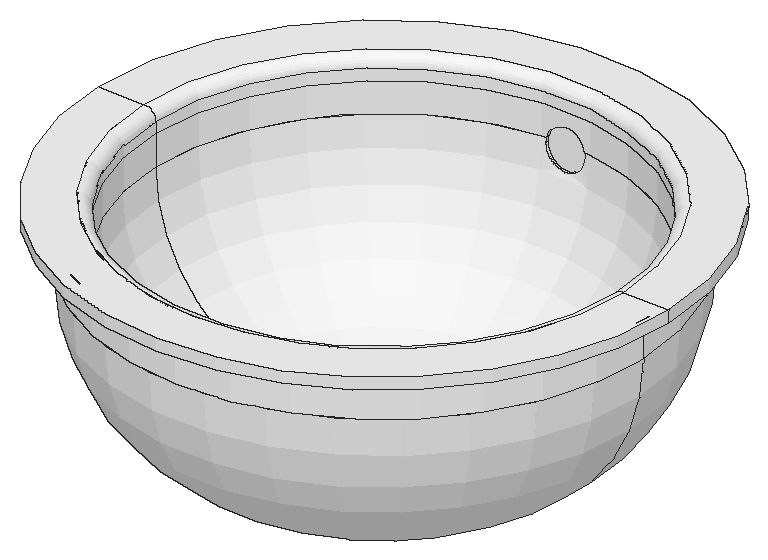
Revit family "SWC_Langley CTTH  LLWB107 Rev01", category Generic Models, Revit 2015
Parameters (values of type "SWC_WHB_LLWB107")
  Spare Parts = "http://www.theswc.co.uk/shop/1-Types"
  Manufacturer URL = "www.theswc.co.uk"
  Product Information = "http://www.theswc.co.uk/assets/shop/products/downloads/llwb107langleyundercounterbasin.pdf"
  URL = ""
  Help = "http://www.theswc.co.uk/contact"
  Phone = "01474 338300"
  Brand = "SanCeram"
  Name = "Langley countertop basin 400, No TH"
  Product SKU = "LLWB107"
  Product Family = "Sanitary"
  Product Group = "Countertop basin"
  NBS Reference Code = "N13 - 335"
  NBS Reference Description = "WASH BASINS"
  Weight = "7.1kg"
  Waste type = "Slotted"
  Waste size = "1 1/4\""
  Overflow = "Central Overflow"
  Tap Holes = "No tap hole"
  Basin mounting = "Vanity mounted"
  Wash hand basin type = "Hand wash"
  Nominal Depth = "193 mm"
  Nominal Length = "404 mm"
  Nominal Width = "404 mm"
  Primary Finishes = "Alpine White"
  Primary Material = "Vitreous China"
  Secondary Material = "n/a"
Reference planes
  plane 1 "Center (Front/Back)": y = 0
  plane 2: z = 0
  plane 3 "Center (Left/Right)": x = 0
  plane 4: z = 863.229
Forms (mm)
  Revolve 1, solid, material "Polished Chrome"
    sketch origin (0, 31.393, -141.005) x (0, 1, 0) y (0, 0, 1)
      loop
        line (-31.393, 843.234) -> (-9.527, 843.234) -> (-9.527, 844.922)
        arc (-9.527, 844.922) -> (-20.044, 849.428) -> (-31.393, 850.886) r 41.424
        line (-31.393, 850.886) -> (-31.393, 843.234)
      axis (-31.393, 843.234) -> (-31.393, 850.886)
    angle from 0 to 360
  Revolve 2, solid, material "Porcelain"
    sketch origin (-740.056, 0, -244.611) x (1, 0, 0) y (0, 0, 1)
      loop
        line (538.056, 1115.84) -> (538.056, 1107.84) -> (548.056, 1107.84)
        arc (548.056, 1107.84) -> (553.713, 1105.497) -> (556.056, 1099.84) r 8
        line (556.056, 1099.84) -> (556.056, 1078.84)
        arc (556.056, 1078.84) -> (592.265, 987.943) -> (681.056, 946.84) r 132.196
        arc (681.056, 946.84) -> (695.905, 940.689) -> (702.056, 925.84) r 21
        line (702.056, 925.84) -> (702.056, 922.84) -> (740.056, 922.84) -> (740.056, 937.966) -> (725.056, 937.966)
        arc (725.056, 937.966) -> (722.312, 940.223) -> (720.391, 943.211) r 11.467
        arc (720.391, 943.211) -> (704.835, 961.666) -> (681.787, 968.834) r 43
        arc (681.787, 968.834) -> (608.079, 1003.24) -> (578.056, 1078.84) r 110.196
        line (578.056, 1078.84) -> (578.056, 1099.84) -> (578.056, 1107.84)
        arc (578.056, 1107.84) -> (575.713, 1113.497) -> (570.056, 1115.84) r 8
        line (570.056, 1115.84) -> (538.056, 1115.84)
      axis (740.056, 922.84) -> (740.056, 1115.84)
    angle from 0 to 360
  Extrusion 3, void
    sketch origin (10.758, 0, 0) x (1, 0, 0) y (0, 0, 1)
      loop
        circle (-10.758, 831.229) r 14
    from -162.878 to -156.247
Cuts and joins
  Extrusion 3 cuts Revolve 2
Dimensions and locks
  aligned and locked: level to plane 2
